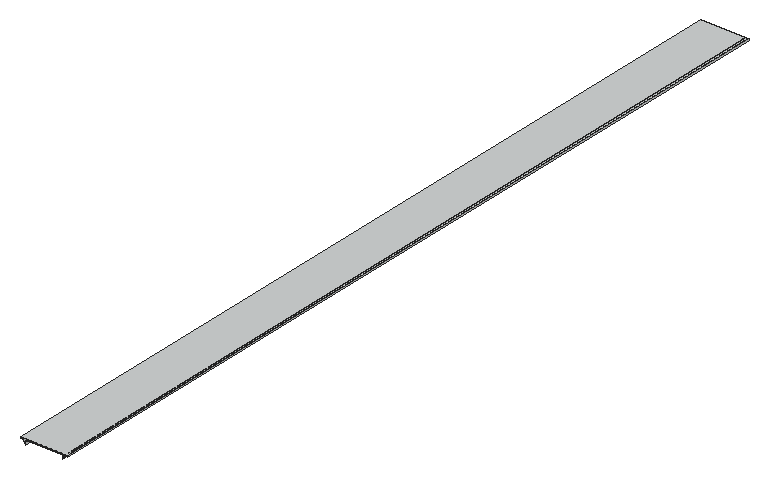
Revit family "Specialty_Equipment-Metal_Raceway-Hubbell_Wiring-Single_Channel_Cover-HBLALUC57", category Specialty Equipment, host Face, Revit 2015
Parameters (values of type "HBLALUC57")
  URL = "http://www.hubbell-wiring.com/"
  Type Comments = ""
  Product data url = "https://bimobject.com/hubbellpremisewiring/product/hubbell-metal-raceway-alu7620"
  Product Page URL = ""
  Product Documentation Link = ""
  Number Of Segments [instance] = roundup(Length / 60.00")  # 1
  Model = "HBLALUC57"
  Manufacturer = "Hubbell Wiring Device Kellems"  # constant formula
  Length Note [instance] = "Available in 5 foot Segments"  # constant formula
  Length [instance] = 45.00"
  Host Note = "Add in Plan View; Host to Wall"  # constant formula
  Description = "Single Channel Cover"  # constant formula
  Default Elevation = 48.00"
  Cable Tray Material = Metal-Hubbell-Aluminum
  Assembly Code = "D5090900"
  A = 2.54"
Reference planes (in)
  plane 1 "Center (Front/Back)": y = 0
  plane 2: z = 0
  plane 3 "Center (Left/Right)": x = 0
  plane 4: z = 2.16
  plane 5: y = 22.5
  plane 6: y = -22.5
  plane 7: x = -1.49625
  plane 8: x = 1.04375
  plane 9: y = 1.625
  plane 10: y = -1.625
  plane 11: x = 1.04375
Forms (in)
  Extrusion 1, solid, material "Metal-Hubbell-Aluminum" <- "Cable Tray Material"
    sketch origin (0, 0, -5.35247) x (1, 0, 0) y (0, 0, 1)
      loop
        line (-1.49625, 7.58728) -> (-1.49625, 7.51247) -> (-1.30672, 7.51247)
        arc (-1.30672, 7.51247) -> (-1.27184, 7.47896) -> (-1.30392, 7.44276) r 0.03491
        line (-1.30392, 7.44276) -> (-1.18995, 7.32879) -> (-1.18995, 7.43267) -> (-1.22194, 7.43267) -> (-1.22194, 7.51247) -> (0.76194, 7.51247) -> (0.76194, 7.43267) -> (0.72995, 7.43267) -> (0.72995, 7.32879) -> (0.84392, 7.44276)
        arc (0.84392, 7.44276) -> (0.81184, 7.47896) -> (0.84673, 7.51247) r 0.03491
        line (0.84673, 7.51247) -> (1.04375, 7.51247) -> (1.04375, 7.58728) -> (-1.49625, 7.58728)
    from -22.5 to 22.5
Lines and regions (in)
  reference lines
    curve 1: line (-1.49625, 0, 2.23481) -> (-1.49625, 0, 2.16)
    curve 2: line (1.04375, 0, 2.23481) -> (-1.49625, 0, 2.23481)
    curve 3: line (1.04375, 0, 2.16) -> (1.04375, 0, 2.23481)
    curve 4: line (0.84673, 0, 2.16) -> (1.04375, 0, 2.16)
    curve 5: arc (0.84392, 0, 2.09029) -> (0.81184, 0, 2.12649) -> (0.84673, 0, 2.16) r 0.03491
    curve 6: line (0.72995, 0, 1.97632) -> (0.84392, 0, 2.09029)
    curve 7: line (0.72995, 0, 2.0802) -> (0.72995, 0, 1.97632)
    curve 8: line (0.76194, 0, 2.0802) -> (0.72995, 0, 2.0802)
    curve 9: line (0.76194, 0, 2.16) -> (0.76194, 0, 2.0802)
    curve 10: line (-1.22194, 0, 2.16) -> (0.76194, 0, 2.16)
    curve 11: line (-1.22194, 0, 2.0802) -> (-1.22194, 0, 2.16)
    curve 12: line (-1.18995, 0, 2.0802) -> (-1.22194, 0, 2.0802)
    curve 13: line (-1.18995, 0, 1.97632) -> (-1.18995, 0, 2.0802)
    curve 14: line (-1.30392, 0, 2.09029) -> (-1.18995, 0, 1.97632)
    curve 15: arc (-1.30672, 0, 2.16) -> (-1.27184, 0, 2.12649) -> (-1.30392, 0, 2.09029) r 0.03491
    curve 16: line (-1.49625, 0, 2.16) -> (-1.30672, 0, 2.16)
  symbolic lines
    curve 17: line (-1.49625, -22.5, 0) -> (1.04375, -22.5, 0)
    curve 18: line (-1.49625, 22.5, 0) -> (-1.49625, -22.5, 0)
    curve 19: line (1.04375, 22.5, 0) -> (-1.49625, 22.5, 0)
    curve 20: line (1.04375, -22.5, 0) -> (1.04375, 22.5, 0)
    curve 21: line (1.04375, 0, 2.16) -> (-1.49625, 0, 2.16)
    curve 22: line (1.04375, 0, 2.23481) -> (1.04375, 0, 2.16)
    curve 23: line (-1.49625, 0, 2.23481) -> (1.04375, 0, 2.23481)
    curve 24: line (-1.49625, 0, 2.16) -> (-1.49625, 0, 2.23481)
    curve 25: line (0, 22.5, 2.16) -> (0, -22.5, 2.16)
    curve 26: line (0, 22.5, 2.23481) -> (0, 22.5, 2.16)
    curve 27: line (0, -22.5, 2.23481) -> (0, 22.5, 2.23481)
    curve 28: line (0, -22.5, 2.16) -> (0, -22.5, 2.23481)
Dimensions and locks (in)
  equal spacing: plane 5, plane 1 "Center (Front/Back)", plane 6
  equal spacing: plane 9, plane 1 "Center (Front/Back)", plane 10, locked at 1.625 each
  plane 4 to host face = 2.16"
  "Length": plane 5 to plane 6
  "A": plane 7 to plane 8
  locked: plane 4 to plane 2 at 2.16
  aligned and locked: plane 2 to host face
  aligned and locked: level to host face
  aligned and locked: Extrusion 1 to plane 6
  aligned and locked: plane 5 to Extrusion 1
  aligned and locked: Extrusion 1 to plane 8
  aligned and locked: Extrusion 1 to plane 7
  aligned and locked: curve 17 to Extrusion 1
  aligned and locked: curve 18 to Extrusion 1
  aligned and locked: curve 19 to Extrusion 1
  aligned and locked: curve 20 to Extrusion 1
  aligned and locked: curve 21 to Extrusion 1
  aligned and locked: curve 22 to Extrusion 1
  aligned and locked: curve 23 to Extrusion 1
  aligned and locked: curve 24 to Extrusion 1
  aligned and locked: curve 25 to Extrusion 1
  aligned and locked: curve 27 to Extrusion 1
  aligned and locked: curve 28 to Extrusion 1
  aligned and locked: curve 26 to plane 5
  aligned and locked: plane 11 to Extrusion 1
Automatic sketch dimensions
  host sketch curve to host sketch curve = 96.00"  (x2)
  curve 1 to plane 4 = 0.00"
  curve 1 to plane 7 = 0.00"
  plane 8 to curve 2 = 0.00"
  plane 4 to curve 2 = 0.07481"
  curve 3 to plane 4 = 0.00"
  plane 8 to curve 4 = 0.19703"
  curve 5 to curve 5 = 0.00281"
  curve 5 to plane 4 = 0.03491"
  curve 6 to curve 6 = 0.11397"  (x2)
  curve 7 to plane 4 = 0.0798"
  curve 7 to curve 8 = 0.03199"
  curve 9 to plane 4 = 0.00"
  plane 7 to curve 10 = 0.27431"
  curve 11 to plane 4 = 0.0798"
  curve 11 to curve 12 = 0.03199"
  curve 13 to curve 13 = 0.10388"
  curve 14 to plane 4 = 0.06971"
  curve 14 to curve 11 = 0.08198"
  curve 15 to plane 4 = 0.03491"
  Extrusion 1 sketch curve to plane 4 = 0.00"  (x3)
  Extrusion 1 sketch curve to plane 7 = 0.00"
  Extrusion 1 sketch curve to plane 8 = 0.00"
  plane 7 to Extrusion 1 sketch curve = 0.18952"
  Extrusion 1 sketch curve to Extrusion 1 sketch curve = 0.00281"  (x2)
  Extrusion 1 sketch curve to Extrusion 1 sketch curve = 0.08479"
  Extrusion 1 sketch curve to Extrusion 1 sketch curve = 0.03199"  (x2)
  plane 8 to Extrusion 1 sketch curve = 0.3138"
  Extrusion 1 sketch curve to plane 4 = 0.06971"  (x2)
  Extrusion 1 sketch curve to Extrusion 1 sketch curve = 0.08198"
  Extrusion 1 sketch curve to plane 4 = 0.0798"  (x2)
  Extrusion 1 sketch curve to Extrusion 1 sketch curve = 0.10388"  (x2)
  Extrusion 1 sketch curve to Extrusion 1 sketch curve = 0.07481"
